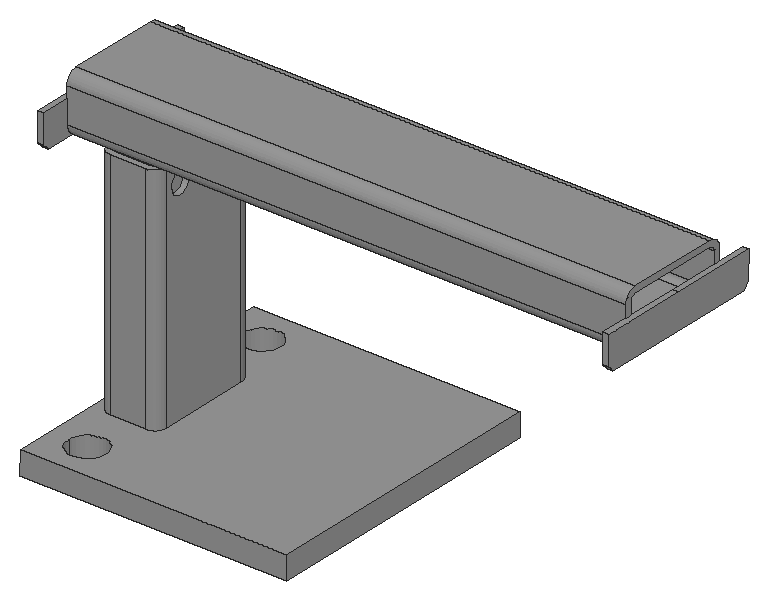
Revit family "STA BKRS 200 FT Stützausleger", category Generic Models, Revit 2017
Family settings
  Can host rebar = No
  Round Connector Dimension = Use Diameter
  Part Type = Normal
  Work Plane-Based = No
  Always vertical = Yes
  Cut with Voids When Loaded = No
  Shared = No
  Room Calculation Point = No
Parameters (values of type "STA BKRS 200 FT")
  URL = "http://www.obo-bettermann.com"
  Material = Hot dip galvanised
  Manufacturer Art.No. = "6044543"
  Manufacturer = "OBO BETTERMANN"
  GTIN = "4012196695089"
  Article Type = "STA BKRS 200 FT"
Reference planes
  plane 1 "Center (Front/Back)": y = 0
  plane 2: z = 0
  plane 3 "Center (Left/Right)": x = 0
  plane 4: x = 91.5
  plane 5: y = 100
  plane 6: y = 12.5
  plane 7: y = 87.5
  plane 8: x = 13
  plane 9: y = 50
  plane 10: y = 62
  plane 11: x = 11
  plane 12: y = 50
  plane 13: x = 3
  plane 14: y = 70
  plane 15: y = 30
  plane 16: z = 88
  plane 17: z = 81
  plane 18: y = 40
  plane 19: y = 30
  plane 20: x = -8
  plane 21: x = 86
  plane 22: x = -10
  plane 23: x = 183.882
  plane 24: x = 22.882
  plane 25: x = 2.902
  plane 26: y = 40.056
  plane 27: x = 176.882
  plane 28: y = 30.056
  plane 29: z = 100
  plane 30: y = 50.044
  plane 31: z = 90
  plane 32: y = 22.044
  plane 33: z = 90
  plane 34: y = 78.044
  plane 35: x = 185.882
Forms (mm)
  Extrusion 1, solid, material "Hot dip galvanised" <- "Material"
    sketch origin (0, 0, 0) x (1, 0, 0) y (0, 0, 1)
      loop
        line (0, 0) -> (91.5, 0) -> (91.5, 8) -> (0, 8) -> (0, 0)
    from 0 to -100
  Extrusion 2, void
    sketch origin (0, 0, 0) x (1, 0, 0) y (0, 1, 0)
      loop
        circle (13, 87.5) r 6.5
      loop
        circle (13, 12.5) r 6.5
      loop
        circle (11, 62) r 5.956
    from 0 to 8
  Extrusion 3, solid, material "Hot dip galvanised" <- "Material"
    sketch origin (0, 0, 0) x (1, 0, 0) y (0, 1, 0)
      loop
        arc (7, 70) -> (4.172, 68.828) -> (3, 66) r 4
        line (3, 66) -> (3, 34)
        arc (3, 34) -> (4.172, 31.172) -> (7, 30) r 4
        line (7, 30) -> (19, 30)
        arc (19, 30) -> (21.828, 31.172) -> (23, 34) r 4
        line (23, 34) -> (23, 66)
        arc (23, 66) -> (21.828, 68.828) -> (19, 70) r 4
        line (19, 70) -> (7, 70)
      loop
        arc (7, 68) -> (5.586, 67.414) -> (5, 66) r 2
        line (5, 66) -> (5, 34)
        arc (5, 34) -> (5.586, 32.586) -> (7, 32) r 2
        line (7, 32) -> (19, 32)
        arc (19, 32) -> (20.414, 32.586) -> (21, 34) r 2
        line (21, 34) -> (21, 66)
        arc (21, 66) -> (20.414, 67.414) -> (19, 68) r 2
        line (19, 68) -> (7, 68)
    from 8 to 88
  Extrusion 4, void
    sketch origin (0, 0, 0) x (0, 1, 0) y (0, 0, 1)
      loop
        circle (40, 81) r 4.037
    from 21 to 23
  Extrusion 5, solid, material "Hot dip galvanised" <- "Material"
    sketch origin (0, 0, 0) x (0, 1, 0) y (0, 0, 1)
      loop
        line (34, 88) -> (66, 88)
        arc (66, 88) -> (68.828, 89.172) -> (70, 92) r 4
        line (70, 92) -> (70, 104)
        arc (70, 104) -> (68.828, 106.828) -> (66, 108) r 4
        line (66, 108) -> (34, 108)
        arc (34, 108) -> (31.172, 106.828) -> (30, 104) r 4
        line (30, 104) -> (30, 92)
        arc (30, 92) -> (31.172, 89.172) -> (34, 88) r 4
      loop
        line (32, 104) -> (32, 92)
        arc (32, 92) -> (32.586, 90.586) -> (34, 90) r 2
        line (34, 90) -> (66, 90)
        arc (66, 90) -> (67.414, 90.586) -> (68, 92) r 2
        line (68, 92) -> (68, 104)
        arc (68, 104) -> (67.414, 105.414) -> (66, 106) r 2
        line (66, 106) -> (34, 106)
        arc (34, 106) -> (32.586, 105.414) -> (32, 104) r 2
    from -8 to 183.882
  Extrusion 6, void
    sketch origin (0, 0, 0) x (1, 0, 0) y (0, 1, 0)
      loop
        circle (176.882, 40.056) r 4.043
    from 88 to 90
  Extrusion 7, solid, material "Hot dip galvanised" <- "Material"
    sketch origin (0, 0, 0) x (0, 1, 0) y (0, 0, 1)
      loop
        line (50.044, 100) -> (20.044, 100) -> (20.044, 90) -> (22.044, 88) -> (78.044, 88) -> (80.044, 90) -> (80.044, 100) -> (50.044, 100)
    from 183.882 to 185.882
  Extrusion 8, solid, material "Hot dip galvanised" <- "Material"
    sketch origin (0, 0, 0) x (0, 1, 0) y (0, 0, 1)
      loop
        line (80.044, 100) -> (20.044, 100) -> (20.044, 90) -> (22.044, 88) -> (78.044, 88) -> (80.044, 90) -> (80.044, 100)
    from -8 to -10
Cuts and joins
  Extrusion 2 cuts Extrusion 1
  Extrusion 4 cuts Extrusion 3
  Extrusion 6 cuts Extrusion 5
Dimensions and locks
  plane 4 to plane 3 "Center (Left/Right)" = 91.5 mm
  locked: Extrusion 1 sketch curve to Extrusion 1 sketch curve at 8
  locked: Extrusion 1 sketch curve to Extrusion 1 sketch curve at 91.5
  locked: plane 1 "Center (Front/Back)" to plane 5 at 100
  locked: Extrusion 1 to plane 8 at 13
  locked: Extrusion 1 to plane 9 at 50
  locked: plane 7 to plane 9 at 37.5
  locked: plane 9 to plane 6 at 37.5
  locked: plane 8 to Extrusion 2 sketch curve at 0  (x2)
  locked: plane 8 to Extrusion 2 sketch curve at 6.5  (x2)
  locked: Extrusion 1 to plane 10 at 38
  Extrusion 1 to plane 11 = 11 mm
  locked: plane 11 to Extrusion 2 sketch curve at 0
  locked: Extrusion 2 sketch curve to plane 11 at 5.956
  locked: cut or joined group of Extrusion 1, Extrusion 2 to plane 12 at 50
  locked: cut or joined group of Extrusion 1, Extrusion 2 to plane 13 at 3
  locked: cut or joined group of Extrusion 1, Extrusion 2 to plane 15 at 30
  locked: cut or joined group of Extrusion 1, Extrusion 2 to plane 14 at 30
  locked: Extrusion 3 sketch curve to Extrusion 3 sketch curve at 20
  locked: Extrusion 3 sketch curve to Extrusion 3 sketch curve at 40
  locked: Extrusion 3 sketch curve to Extrusion 3 sketch curve at 16
  locked: Extrusion 3 sketch curve to Extrusion 3 sketch curve at 36
  locked: cut or joined group of Extrusion 1, Extrusion 2 to Extrusion 3 sketch curve at 3
  locked: plane 16 to level at 88
  locked: Extrusion 3 to plane 17 at 7
  plane 19 to plane 18 = 10 mm
  locked: plane 1 "Center (Front/Back)" to plane 18 at 40
  locked: plane 18 to Extrusion 4 sketch curve at 0
  locked: plane 18 to Extrusion 4 sketch curve at 4.037
  locked: Extrusion 5 sketch curve to Extrusion 5 sketch curve at 16
  locked: Extrusion 5 sketch curve to cut or joined group of Extrusion 3, Extrusion 4 at 20
  locked: Extrusion 5 sketch curve to Extrusion 5 sketch curve at 40
  locked: Extrusion 5 sketch curve to Extrusion 5 sketch curve at 36
  locked: plane 1 "Center (Front/Back)" to Extrusion 5 sketch curve at 30
  Extrusion 5 to plane 21 = 97.882 mm
  locked: plane 22 to Extrusion 5 at 2
  locked: plane 23 to plane 24 at 161
  locked: plane 23 to plane 3 "Center (Left/Right)" at 183.882
  locked: plane 25 to Extrusion 5 at 10.902
  locked: Extrusion 5 to plane 24 at 161
  locked: Extrusion 5 to Extrusion 5 at 191.882
  locked: plane 27 to Extrusion 5 at 7
  locked: plane 26 to plane 28 at 10
  locked: plane 1 "Center (Front/Back)" to plane 26 at 40.056
  locked: plane 27 to Extrusion 6 sketch curve at 0
  locked: Extrusion 6 sketch curve to plane 26 at 4.043
  locked: cut or joined group of Extrusion 5, Extrusion 6 to plane 29 at 8
  locked: plane 30 to cut or joined group of Extrusion 5, Extrusion 6 at 17.956
  locked: plane 35 to cut or joined group of Extrusion 5, Extrusion 6 at 2
  locked: Extrusion 7 to Extrusion 7 at 12
  locked: Extrusion 7 to Extrusion 7 at 60
  aligned and locked: level to plane 2
  aligned and locked: Extrusion 1 to level
  aligned and locked: Extrusion 1 to plane 3 "Center (Left/Right)"
  aligned and locked: plane 5 to Extrusion 1
  aligned and locked: plane 1 "Center (Front/Back)" to Extrusion 1
  aligned and locked: Extrusion 2 to level
  aligned and locked: Extrusion 1 to Extrusion 2
  aligned and locked: plane 16 to Extrusion 3
  aligned and locked: Extrusion 3 to cut or joined group of Extrusion 1, Extrusion 2
  aligned and locked: Extrusion 3 to Extrusion 4  (x2)
  aligned and locked: Extrusion 5 to plane 16
  aligned and locked: Extrusion 5 to cut or joined group of Extrusion 3, Extrusion 4
  aligned and locked: Extrusion 5 to plane 20
  aligned and locked: plane 23 to Extrusion 5
  aligned and locked: Extrusion 5 to Extrusion 6
  aligned and locked: plane 16 to Extrusion 6
  aligned and locked: Extrusion 7 sketch curve to Extrusion 7 sketch curve
  aligned and locked: plane 16 to Extrusion 7 sketch curve
  aligned and locked: plane 31 to Extrusion 7 sketch curve
  aligned and locked: Extrusion 7 to plane 23
  aligned and locked: plane 35 to Extrusion 7
  aligned and locked: plane 20 to Extrusion 8
  aligned and locked: Extrusion 8 to plane 22
Automatic sketch dimensions
  Extrusion 1 sketch curve to level = 0 mm
  Extrusion 1 sketch curve to plane 3 "Center (Left/Right)" = 0 mm
  Extrusion 2 sketch curve to plane 6 = 0 mm
  Extrusion 2 sketch curve to plane 10 = 0 mm
  Extrusion 2 sketch curve to plane 7 = 0 mm
  Extrusion 3 sketch curve to Extrusion 3 sketch curve = 0 mm  (x6)
  Extrusion 3 sketch curve to plane 14 = 0 mm
  Extrusion 3 sketch curve to Extrusion 3 sketch curve = 2 mm
  plane 13 to Extrusion 3 sketch curve = 4 mm
  Extrusion 3 sketch curve to Extrusion 3 sketch curve = 12 mm
  Extrusion 3 sketch curve to plane 14 = 4 mm
  Extrusion 4 sketch curve to plane 17 = 0 mm
  plane 16 to Extrusion 5 sketch curve = 4 mm  (x2)
  Extrusion 5 sketch curve to Extrusion 5 sketch curve = 4 mm
  Extrusion 5 sketch curve to Extrusion 5 sketch curve = 0 mm  (x8)
  Extrusion 6 sketch curve to plane 26 = 0 mm
  Extrusion 7 sketch curve to plane 29 = 0 mm
  Extrusion 7 sketch curve to plane 32 = 0 mm
  Extrusion 7 sketch curve to plane 30 = 0 mm
  Extrusion 7 sketch curve to plane 34 = 0 mm
  plane 31 to Extrusion 7 sketch curve = 0 mm
  Extrusion 7 sketch curve to plane 32 = 2 mm
  plane 34 to Extrusion 7 sketch curve = 2 mm
  Extrusion 8 sketch curve to plane 16 = 0 mm
  Extrusion 8 sketch curve to plane 1 "Center (Front/Back)" = 20.044 mm
  Extrusion 8 sketch curve to Extrusion 8 sketch curve = 2 mm  (x2)
  Extrusion 8 sketch curve to plane 5 = 21.956 mm
  plane 16 to Extrusion 8 sketch curve = 2 mm  (x2)
  Extrusion 8 sketch curve to Extrusion 8 sketch curve = 10 mm
